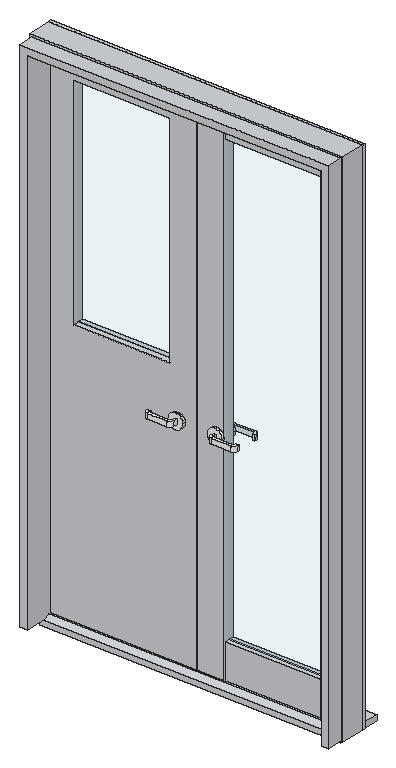
Revit family "Dor_両開き戸_RC", category ドア, Revit 2020
Family settings
  ホスト = 壁
  常に垂直 = はい
  ロード時にボイドで切り取り = はい
  共有 = いいえ
  部屋計算ポイント = いいえ
Parameters (values of type "両開き戸_RC")
  金物_施錠方式(外) = ""
  金物_施錠方式(内) = ""
  金物_支持金物 = ""
  金物_操作金物 = ""
  金物_戸当り = ""
  金物_固定金物 = ""
  金物_フランス落し = ""
  金物_クローザー = ""
  逃げ_左 = 60 mm
  逃げ_右 = 60 mm
  逃げ_上 = 60 mm
  解析用性能 = "<なし>"
  符号_建具記号 = ""
  符号_建具番号 = ""
  法_随時閉鎖 = yes
  法_防火性能 = ""
  法_遮煙 = yes
  法_常時閉鎖 = yes
  min沓摺見込_Kc_Kd [instance] = 24 mm + パネル厚 + 抱き + シール幅 + オフセット_外側  # 169 mm
  沓摺表示 [instance] = yes
  文字_ガラス厚 = ""
  抱き = 40 mm
  建枠下延長 [instance] = 0 mm
  沓摺見込_Kc_Kd [instance] = 180 mm
  外部ちり_上 = 10 mm
  外部ちり = 10 mm
  マテリアル_シール = none
  ドアパネルタイプ2 = DP_腰窓 : 腰窓
  ドアパネルタイプ1 = DP_框 : 框
  スリット/小窓位置：戸先 [instance] = yes
  シール幅 = 10 mm
  ガラス厚 = 6 mm
  オフセット_外側 [instance] = 50 mm
  geo_壁厚 [instance] = 150 mm
  calc_総見込 = 抱き + シール幅 + パネル厚 + 戸当見込  # 145 mm
  calc_沓摺見込_Kc_Kd [instance] = if(沓摺見込_Kc_Kd > min沓摺見込_Kc_Kd, 沓摺見込_Kc_Kd, min沓摺見込_Kc_Kd + 10 mm)  # 180 mm
  calc_沓摺幅 = 幅 + 戸当見付 * 2  # 1230 mm
  沓摺タイプ = Kc_沓摺_RC : Kc_沓摺_RC
  次による断熱プロパティの定義 = スキーマティック タイプ
  枠見付内_F01 = 30 mm
  calc_枠見込内 [instance] = if(and(枠ちり内 = 0 mm, オフセット_内側 = 0 mm), 1 mm, 0 mm)  # 0 mm
  calc_枠見付内 = if(枠タイプ = 1, 枠見付内_F01, if(枠タイプ = 2, 枠見付 + 戸当見付, if(枠タイプ = 3, 枠見付 + 戸当見付, 枠見付)))  # 30 mm
  文字_額縁材質 = ""
  文字_額縁仕上 = ""
  文字_沓摺材質 = ""
  文字_沓摺仕上 = ""
  文字_枠材質 = ""
  文字_枠仕上 = ""
  文字_建具材質 = ""
  文字_建具仕上 = ""
  文字_取付場所 = ""
  文字_備考 = ""
  文字_パネル厚 = ""
  文字_ガラリ材質 = ""
  文字_ガラリ仕上 = ""
  文字_ガラス材質 = ""
  文字_アンダーカット = ""
  性能_遮音 = ""
  性能_気密 = ""
  形状_沓摺形状 = ""
  形状_枠形状 = ""
  形状_建具形式 = ""
  形状_ガラリ形状 = ""
  仕上げ厚 = 0 mm
  calc_戸当見込 [instance] = if(geo_壁厚 < calc_総見込, 戸当見込 - (calc_総見込 - geo_壁厚 + 10 mm), 戸当見込)  # 50 mm
  calc_壁芯ずれ [instance] = オフセット_外側 / 2 + オフセット_内側 / 2 + LOCK  # 50 mm
  calc_仕上げ厚 [instance] = if(and(オフセット_内側 = 0 mm, 仕上げ厚 = 0 mm), 11 mm, 仕上げ厚)  # 0 mm
  ラベル_遮煙 = if(法_遮煙, "S", " ")  # "S"
  ラベル_法囲み = if(法_常時閉鎖, "□", if(法_随時閉鎖, "〇", " "))  # "□"
  マテリアル_沓摺 = none
  マテリアル_枠 = none
  マテリアル_パネル = none
  マテリアル_ガラリ = none
  マテリアル_ガラス = ガラス - 透明
  パネル幅2 = パネル幅1  # 615 mm
  パネル幅1 = 幅 / 2 + 戸当見付  # 615 mm
  calc_パネル中心位置 = パネル厚 / 2 + LOCK  # 22.5 mm
  ハンドル表示 [instance] = yes
  Keynote = ""
  オフセット_内側 [instance] = 50 mm
  W寸法 = 1200 mm
  LOCK = 0 mm  # constant formula
  H寸法 = 2100 mm
  F02_片ひばた2 = 枠タイプ = 2  # no
  Function = (empty or 0)
  Description = ""
  枠タイプ = 1
  Rough Width = 0 mm
  高さ = H寸法 + LOCK  # 2100 mm
  枠見付 = 25 mm
  枠ちり外 = 20 mm
  枠ちり内 = 10 mm
  ハンドル_高さ = 900 mm
  ハンドル_オフセット = 80 mm
  戸当見込 = 50 mm
  戸当見付 = 15 mm
  Construction Type = ""
  Wall Closure = (empty or 0)
  幅 = W寸法 + LOCK  # 1200 mm
  Rough Height = 0 mm
  パネル高 = 高さ + 戸当見付 - アンダーカット  # 2110 mm
  パネル幅 = パネル幅1 + LOCK  # 615 mm
  パネル厚 = 45 mm
  アンダーカット = 5 mm
  F01_片ひばた1 = 枠タイプ = 1  # yes
  F03_両ひばた = 枠タイプ = 3  # no
Reference planes
  plane 1: y = 0
  plane 2 "中心(左/右)": x = 0
  plane 3 "EXT.": y = 75
  plane 4 "内壁": y = -75
  plane 5 "左": x = -600
  plane 6 "右": x = 600
  plane 7 "上側": z = 2100
  plane 8: z = 0
  plane 9 "パネル位置": y = 25
  plane 10 "左扉位置": x = -615
  plane 11 "枠外側左": x = -640
  plane 12 "枠内側左": x = -630
  plane 13 "仕上げ厚": y = -75
  plane 14 "右扉位置": x = 615
  plane 15 "枠外側右": x = 640
  plane 16 "枠内側右": x = 630
  plane 17 "上枠下端": z = 2115
  plane 18 "枠見付_上": z = 2140
  plane 19 "枠見付内_上": z = 2130
  plane 20 "戸当り外側": y = -20
  plane 21 "戸当り内側": y = -70
  plane 22: x = -630
  plane 23: x = 630
  plane 24: z = 5
  plane 25 "オフセット": y = -125
  plane 26 "枠ちり内": y = -135
  plane 27 "パネル厚中心": y = 2.5
  plane 28 "壁芯": y = -50
  plane 29: z = 900
  plane 30 "建枠下延長": z = 0
  plane 31 "枠見込み内": y = -75
  plane 32 "オフセット_外側": y = 125
  plane 33 "マスク位置": z = 500
  plane 34: y = 130
  plane 35 "逃げ左": x = -660
  plane 36 "逃げ右": x = 660
  plane 37 "抱き": y = 35
  plane 38 "外部ちり左": x = -625
  plane 39 "外部ちり右": x = 625
  plane 40 "外部ちり上": z = 2125
  plane 41 "逃げ上": z = 2160
  plane 42 "右扉中心": x = 307.5
  plane 43 "左扉中心": x = -307.5
  plane 44 "左ハンドル中心": x = -80
  plane 45 "右ハンドル中心": x = 80
Forms (mm)
  Extrusion 1, void
    sketch origin (0, 0, 0) x (1, 0, 0) y (0, 1, 0)
      loop
        line (-630, -125) -> (630, -125) -> (630, -75) -> (-630, -75) -> (-630, -125)
    from 0 to 2130
  Extrusion 2, void
    sketch origin (0, 0, 0) x (1, 0, 0) y (0, 1, 0)
      loop
        line (-660, 35) -> (-660, -75) -> (660, -75) -> (660, 35) -> (-660, 35)
    from 0 to 2160
  Sweep 3, solid, material <- "マテリアル_枠", visible <- "F01_片ひばた1"
    path origin (0, 75, 0) x (1, 0, 0) y (0, 0, 1)
      loop
        line (600, 0) -> (600, 2100) -> (-600, 2100) -> (-600, 0)
    profile origin (600, 75, 1050) x (-1, 0, 0) y (0, -1, 0)
      loop
        line (-40, 50) -> (-15, 50) -> (-15, 95) -> (0, 95) -> (0, 210) -> (-30, 210) -> (-30, 150) -> (-40, 150) -> (-40, 50)
  Sweep 4, solid, material <- "マテリアル_枠", visible <- "F02_片ひばた2"
    path origin (0, 75, 0) x (1, 0, 0) y (0, 0, 1)
      loop
        line (600, 0) -> (600, 2100) -> (-600, 2100) -> (-600, 0)
    profile origin (600, 75, 1050) x (-1, 0, 0) y (0, -1, 0)
      loop
        line (-40, 50) -> (-15, 50) -> (-15, 95) -> (0, 95) -> (0, 210) -> (-40, 210) -> (-40, 50)
  Sweep 5, solid, material <- "マテリアル_枠", visible <- "F03_両ひばた"
    path origin (0, 75, 0) x (1, 0, 0) y (0, 0, 1)
      loop
        line (600, 0) -> (600, 2100) -> (-600, 2100) -> (-600, 0)
    profile origin (600, 75, 1050) x (-1, 0, 0) y (0, -1, 0)
      loop
        line (-40, 50) -> (-15, 50) -> (-15, 95) -> (0, 95) -> (0, 145) -> (-15, 145) -> (-15, 210) -> (-40, 210) -> (-40, 50)
  Extrusion 6, void
    sketch origin (0, 0, 0) x (1, 0, 0) y (0, 1, 0)
      loop
        line (-625, 125) -> (-625, 35) -> (625, 35) -> (625, 125) -> (-625, 125)
    from 0 to 2125
  Extrusion 7, solid, material <- "マテリアル_シール"
    sketch origin (0, 25, 0) x (-1, 0, 0) y (0, 0, 1)
      loop
        line (-625, 0) -> (-625, 2125) -> (625, 2125) -> (625, 0) -> (640, 0) -> (640, 2140) -> (-640, 2140) -> (-640, 0) -> (-625, 0)
    from 0 to 10 <- "シール幅"
Lines and regions (mm)
  Masking region 1
    outline origin (0, 0, 0) x (0, 1, 0) y (0, 0, 1)
      loop
        line (25, 2115) -> (-20, 2115) -> (-20, 5) -> (25, 5) -> (25, 2115)
  Masking region 2, visible <- "F01_片ひばた1", detail levels medium+fine
    outline origin (0, 0, 0) x (1, 0, 0) y (0, 1, 0)
      loop
        line (-640, -75) -> (-630, -75) -> (-630, -135) -> (-600, -135) -> (-600, -20) -> (-615, -20) -> (-615, 25) -> (-640, 25) -> (-640, -75)
      loop
        line (640, -75) -> (640, 25) -> (615, 25) -> (615, -20) -> (600, -20) -> (600, -135) -> (630, -135) -> (630, -75) -> (640, -75)
  Masking region 3, visible <- "F02_片ひばた2", detail levels medium+fine
    outline origin (0, 0, 0) x (1, 0, 0) y (0, 1, 0)
      loop
        line (-630, 25) -> (-630, -135) -> (-600, -135) -> (-600, -20) -> (-615, -20) -> (-615, 25) -> (-630, 25)
      loop
        line (640, 25) -> (615, 25) -> (615, -20) -> (600, -20) -> (600, -135) -> (640, -135) -> (640, 25)
  Masking region 4, detail levels coarse
    outline origin (0, 0, 0) x (1, 0, 0) y (0, 1, 0)
      loop
        line (-600, -130) -> (600, -130) -> (600, -125) -> (600, 125) -> (600, 130) -> (-600, 130) -> (-600, 125) -> (-600, -125) -> (-600, -130)
  Masking region 5, detail levels coarse
    outline origin (0, 0, 0) x (1, 0, 0) y (0, 1, 0)
      loop
        line (-665, 125) -> (-665, -125) -> (-600, -125) -> (-600, 125) -> (-665, 125)
      loop
        line (665, 125) -> (600, 125) -> (600, -125) -> (665, -125) -> (665, 125)
  Masking region 6, visible <- "F03_両ひばた", detail levels medium+fine
    outline origin (0, 0, 0) x (1, 0, 0) y (0, 1, 0)
      loop
        line (-640, 25) -> (-640, -135) -> (-615, -135) -> (-615, -70) -> (-600, -70) -> (-600, -20) -> (-615, -20) -> (-615, 25) -> (-640, 25)
      loop
        line (640, 25) -> (615, 25) -> (615, -20) -> (600, -20) -> (600, -70) -> (615, -70) -> (615, -135) -> (640, -135) -> (640, 25)
  Masking region 7, detail levels medium+fine
    outline origin (0, 0, 0) x (1, 0, 0) y (0, 1, 0)
      loop
        line (-625, 25) -> (-625, 35) -> (-640, 35) -> (-640, 25) -> (-625, 25)
      loop
        line (625, 35) -> (625, 25) -> (640, 25) -> (640, 35) -> (625, 35)
  symbolic lines
    curve 1: line (0, 75, 0) -> (0, -185, 0)
Text (mm)
  text "EXT." at (-2295.016, 1099.543, 0), in view "基準レベル"
  text "外部" at (0, 1615.38, 3698.081), in view "左"
  text "外部" at (0, 1036.032, 3874.932), in view "右"
  text "内部" at (0, -1175.082, 3874.932), in view "右"
  text "内部" at (-2295.016, -1087.353, 0), in view "基準レベル"
Dimensions and locks
  equal spacing: plane 5 "左", plane 2 "中心(左/右)", plane 6 "右"
  locked: plane 3 "EXT." to host wall
  locked: plane 4 "内壁" to host wall
  "W寸法": plane 5 "左" to plane 6 "右"
  "H寸法": plane 8 to plane 7 "上側"
  "戸当見付": plane 10 "左扉位置" to plane 5 "左"
  "calc_枠見付内": plane 12 "枠内側左" to plane 5 "左"
  "枠見付": plane 11 "枠外側左" to plane 10 "左扉位置"
  "calc_仕上げ厚": plane 13 "仕上げ厚" to plane 4 "内壁"
  "枠見付": plane 15 "枠外側右" to plane 14 "右扉位置"
  "戸当見付": plane 7 "上側" to plane 17 "上枠下端"
  "枠見付": plane 17 "上枠下端" to plane 18 "枠見付_上"
  "calc_枠見付内": plane 7 "上側" to plane 19 "枠見付内_上"
  "パネル厚": plane 9 "パネル位置" to plane 20 "戸当り外側"
  "calc_戸当見込": plane 20 "戸当り外側" to plane 21 "戸当り内側"
  "戸当見付": plane 6 "右" to plane 14 "右扉位置"
  "calc_枠見付内": plane 6 "右" to plane 16 "枠内側右"
  "枠見付内_F01": plane 22 to plane 5 "左"
  "枠見付内_F01": plane 6 "右" to plane 23
  "枠ちり内": plane 25 "オフセット" to plane 26 "枠ちり内"
  "オフセット_内側": plane 25 "オフセット" to plane 4 "内壁"
  "アンダーカット": plane 24 to plane 8
  locked: plane 26 "枠ちり内" to curve 1 at 50
  "calc_パネル中心位置": plane 9 "パネル位置" to plane 27 "パネル厚中心"
  "calc_壁芯ずれ": plane 28 "壁芯" to plane 1
  "ハンドル_高さ": plane 29 to level
  "建枠下延長": plane 8 to plane 30 "建枠下延長"
  "calc_枠見込内": plane 31 "枠見込み内" to plane 13 "仕上げ厚"
  "オフセット_外側": plane 3 "EXT." to plane 32 "オフセット_外側"
  locked: level to plane 33 "マスク位置" at 500
  locked: plane 34 to plane 32 "オフセット_外側" at 5
  "逃げ_左": plane 35 "逃げ左" to plane 5 "左"
  "逃げ_右": plane 6 "右" to plane 36 "逃げ右"
  "抱き": plane 37 "抱き" to plane 3 "EXT."
  "シール幅": plane 37 "抱き" to plane 9 "パネル位置"
  locked: plane 38 "外部ちり左" to Extrusion 7 sketch curve at 15
  locked: plane 39 "外部ちり右" to Extrusion 7 sketch curve at 15
  locked: plane 40 "外部ちり上" to Extrusion 7 sketch curve at 15
  "外部ちり": plane 38 "外部ちり左" to plane 10 "左扉位置"
  "外部ちり": plane 14 "右扉位置" to plane 39 "外部ちり右"
  "逃げ_上": plane 7 "上側" to plane 41 "逃げ上"
  "外部ちり_上": plane 40 "外部ちり上" to plane 17 "上枠下端"
  locked: Masking region 7 sketch curve to plane 38 "外部ちり左" at 15
  locked: plane 39 "外部ちり右" to Masking region 7 sketch curve at 15
  "geo_壁厚": host wall to host wall
  locked: Masking region 5 sketch curve to plane 35 "逃げ左" at 5
  locked: plane 36 "逃げ右" to Masking region 5 sketch curve at 5
  equal spacing: plane 10 "左扉位置", plane 43 "左扉中心", plane 2 "中心(左/右)"
  equal spacing: plane 2 "中心(左/右)", plane 42 "右扉中心", plane 14 "右扉位置"
  "ハンドル_オフセット": plane 2 "中心(左/右)" to plane 45 "右ハンドル中心"
  "ハンドル_オフセット": plane 2 "中心(左/右)" to plane 44 "左ハンドル中心"
  aligned and locked: plane 1 to host wall
  aligned and locked: level to plane 8
  aligned and locked: plane 13 "仕上げ厚" to Extrusion 1 sketch curve
  aligned and locked: plane 13 "仕上げ厚" to Extrusion 2 sketch curve
  aligned and locked: plane 7 "上側" to Sweep 3 sketch curve
  aligned and locked: plane 6 "右" to Sweep 3 sketch curve  (x2)
  aligned and locked: Sweep 3 sketch curve to plane 5 "左"
  aligned and locked: Sweep 3 sketch curve to plane 13 "仕上げ厚"
  aligned and locked: plane 9 "パネル位置" to Sweep 3 sketch curve
  aligned and locked: plane 20 "戸当り外側" to Sweep 3 sketch curve
  aligned and locked: plane 14 "右扉位置" to Sweep 3 sketch curve
  aligned and locked: Sweep 3 sketch curve to plane 15 "枠外側右"
  aligned and locked: plane 15 "枠外側右" to Sweep 4 sketch curve
  aligned and locked: plane 14 "右扉位置" to Sweep 5 sketch curve  (x2)
  aligned and locked: Sweep 5 sketch curve to plane 21 "戸当り内側"
  aligned and locked: plane 23 to Sweep 3 sketch curve
  aligned and locked: Sweep 3 sketch curve to plane 26 "枠ちり内"
  aligned and locked: Sweep 4 sketch curve to plane 26 "枠ちり内"
  aligned and locked: plane 20 "戸当り外側" to Sweep 4 sketch curve
  aligned and locked: Sweep 5 sketch curve to plane 26 "枠ちり内"
  aligned and locked: Extrusion 1 to plane 25 "オフセット"
  aligned and locked: plane 19 "枠見付内_上" to Extrusion 1
  aligned and locked: Sweep 4 to Masking region 1 sketch curve
  aligned and locked: plane 2 "中心(左/右)" to nested 1
  aligned and locked: Masking region 2 sketch curve to plane 9 "パネル位置"
  aligned and locked: Masking region 2 sketch curve to plane 20 "戸当り外側"
  aligned and locked: plane 26 "枠ちり内" to Masking region 2 sketch curve
  aligned and locked: plane 11 "枠外側左" to Masking region 2 sketch curve
  aligned and locked: plane 5 "左" to Masking region 2 sketch curve
  aligned and locked: plane 6 "右" to Masking region 2 sketch curve
  aligned and locked: Masking region 2 sketch curve to plane 15 "枠外側右"
  aligned and locked: plane 14 "右扉位置" to Masking region 2 sketch curve
  aligned and locked: Masking region 2 sketch curve to plane 22
  aligned and locked: plane 23 to Masking region 2 sketch curve
  aligned and locked: plane 12 "枠内側左" to Masking region 3 sketch curve
  aligned and locked: plane 5 "左" to Masking region 4 sketch curve
  aligned and locked: Masking region 4 sketch curve to plane 6 "右"
  aligned and locked: Masking region 4 to Masking region 5 sketch curve
  aligned and locked: plane 6 "右" to Masking region 5 sketch curve
  aligned and locked: plane 25 "オフセット" to Masking region 5 sketch curve
  aligned and locked: Masking region 5 sketch curve to plane 25 "オフセット"
  aligned and locked: plane 25 "オフセット" to Masking region 4 sketch curve  (x2)
  aligned and locked: plane 14 "右扉位置" to Masking region 6 sketch curve
  aligned and locked: plane 21 "戸当り内側" to Masking region 6 sketch curve  (x2)
  aligned and locked: Masking region 6 sketch curve to plane 21 "戸当り内側"  (x2)
  aligned and locked: plane 20 "戸当り外側" to Sweep 5 sketch curve
  aligned and locked: plane 9 "パネル位置" to Sweep 5 sketch curve
  aligned and locked: plane 9 "パネル位置" to Sweep 4 sketch curve
  aligned and locked: nested 2 to plane 8
  aligned and locked: plane 30 "建枠下延長" to Sweep 4 sketch curve  (x2)
  aligned and locked: plane 30 "建枠下延長" to Sweep 3 sketch curve  (x2)
  aligned and locked: plane 30 "建枠下延長" to Sweep 5 sketch curve  (x2)
  aligned and locked: plane 9 "パネル位置" to Masking region 3 sketch curve  (x2)
  aligned and locked: plane 9 "パネル位置" to Masking region 6 sketch curve  (x2)
  aligned and locked: Extrusion 1 sketch curve to plane 12 "枠内側左"
  aligned and locked: Extrusion 1 sketch curve to plane 16 "枠内側右"
  aligned and locked: plane 31 "枠見込み内" to Masking region 2 sketch curve  (x2)
  aligned and locked: Masking region 5 sketch curve to plane 32 "オフセット_外側"  (x2)
  aligned and locked: Masking region 4 sketch curve to plane 34
  aligned and locked: plane 32 "オフセット_外側" to Masking region 4 sketch curve  (x2)
  aligned and locked: Extrusion 2 sketch curve to plane 37 "抱き"
  aligned and locked: plane 35 "逃げ左" to Extrusion 2 sketch curve
  aligned and locked: plane 36 "逃げ右" to Extrusion 2 sketch curve
  aligned and locked: Extrusion 6 sketch curve to plane 32 "オフセット_外側"
  aligned and locked: plane 38 "外部ちり左" to Extrusion 6 sketch curve
  aligned and locked: plane 37 "抱き" to Extrusion 6 sketch curve
  aligned and locked: plane 39 "外部ちり右" to Extrusion 6 sketch curve
  aligned and locked: plane 40 "外部ちり上" to Extrusion 6
  aligned and locked: Extrusion 7 sketch curve to plane 39 "外部ちり右"
  aligned and locked: plane 30 "建枠下延長" to Extrusion 7 sketch curve
  aligned and locked: Extrusion 7 sketch curve to plane 38 "外部ちり左"
  aligned and locked: Extrusion 7 sketch curve to plane 30 "建枠下延長"
  aligned and locked: plane 40 "外部ちり上" to Extrusion 7 sketch curve
  aligned and locked: plane 41 "逃げ上" to Extrusion 2
  aligned and locked: Masking region 7 sketch curve to plane 38 "外部ちり左"
  aligned and locked: Masking region 7 sketch curve to plane 37 "抱き"  (x2)
  aligned and locked: plane 9 "パネル位置" to Masking region 7 sketch curve  (x2)
  aligned and locked: Masking region 7 sketch curve to plane 39 "外部ちり右"
  aligned and locked: nested 1 to plane 27 "パネル厚中心"
  aligned and locked: plane 43 "左扉中心" to nested 4
  aligned and locked: nested 7 to plane 44 "左ハンドル中心"
  aligned and locked: plane 42 "右扉中心" to nested 5
  aligned and locked: plane 27 "パネル厚中心" to nested 5
  aligned and locked: nested 4 to plane 27 "パネル厚中心"
  aligned and locked: nested 3 to plane 9 "パネル位置"
  aligned and locked: nested 6 to plane 27 "パネル厚中心"
  aligned and locked: plane 27 "パネル厚中心" to nested 7
  aligned and locked: plane 42 "右扉中心" to nested 2
  aligned and locked: plane 43 "左扉中心" to nested 8
  aligned and locked: nested 6 to plane 45 "右ハンドル中心"
Automatic sketch dimensions
  plane 5 "左" to Sweep 4 sketch curve = 0 mm
  plane 6 "右" to Sweep 4 sketch curve = 0 mm
  Sweep 4 sketch curve to plane 7 "上側" = 0 mm
  Sweep 4 sketch curve to profile plane = 0 mm
  profile plane to Sweep 4 sketch curve = 15 mm
  plane 5 "左" to Sweep 5 sketch curve = 0 mm
  plane 6 "右" to Sweep 5 sketch curve = 0 mm
  Sweep 5 sketch curve to plane 7 "上側" = 0 mm
  Sweep 5 sketch curve to profile plane = 0 mm
  profile plane to Sweep 5 sketch curve = 15 mm
  Sweep 5 sketch curve to Sweep 5 sketch curve = 25 mm
  Masking region 3 sketch curve to plane 10 "左扉位置" = 0 mm
  Masking region 3 sketch curve to plane 5 "左" = 0 mm
  Masking region 3 sketch curve to plane 6 "右" = 0 mm
  Masking region 3 sketch curve to plane 14 "右扉位置" = 0 mm
  Masking region 3 sketch curve to plane 15 "枠外側右" = 0 mm
  Masking region 3 sketch curve to plane 26 "枠ちり内" = 0 mm  (x2)
  Masking region 3 sketch curve to plane 20 "戸当り外側" = 0 mm  (x2)
  Masking region 6 sketch curve to plane 10 "左扉位置" = 0 mm  (x2)
  Masking region 6 sketch curve to plane 5 "左" = 0 mm
  Masking region 6 sketch curve to plane 6 "右" = 0 mm
  Masking region 6 sketch curve to plane 14 "右扉位置" = 0 mm
  Masking region 6 sketch curve to plane 26 "枠ちり内" = 0 mm  (x2)
  Masking region 6 sketch curve to plane 20 "戸当り外側" = 0 mm  (x2)
  curve 1 to plane 2 "中心(左/右)" = 0 mm
  Masking region 1 sketch curve to plane 17 "上枠下端" = 0 mm
  Masking region 1 sketch curve to plane 20 "戸当り外側" = 0 mm
  Masking region 1 sketch curve to plane 24 = 0 mm
  Masking region 4 sketch curve to plane 25 "オフセット" = 5 mm
  Masking region 6 sketch curve to plane 11 "枠外側左" = 0 mm
  Masking region 6 sketch curve to plane 15 "枠外側右" = 0 mm
  Masking region 2 sketch curve to plane 26 "枠ちり内" = 0 mm
  Masking region 2 sketch curve to plane 20 "戸当り外側" = 0 mm
  Masking region 2 sketch curve to plane 9 "パネル位置" = 0 mm
  Extrusion 1 sketch curve to plane 25 "オフセット" = 0 mm
  plane 9 "パネル位置" to curve 1 = 50 mm
  Masking region 2 sketch curve to plane 10 "左扉位置" = 0 mm
Nested families
  nested 1: "Kc_沓摺_RC" at (0, 2.5, 0), アンダーカット <- "アンダーカット", パネル厚 <- "パネル厚", パネル幅 <- "calc_沓摺幅", 沓摺材質 <- "マテリアル_沓摺", type <- "沓摺タイプ", visible <- "沓摺表示", 沓摺見込 <- "calc_沓摺見込_Kc_Kd", type "Kc_沓摺_RC"
    with 沓摺見込 180 mm, 沓摺材質 none, パネル幅 1230 mm, パネル厚 45 mm, アンダーカット 5 mm
  nested 2: "立面_スイング_開き戸" at (307.5, -75, 0) x (1, 0, 0) z (0, -1, 0), パネル幅 <- "パネル幅1", パネル高 <- "パネル高", アンダーカット <- "アンダーカット", type "立面_スイング_開き戸"
    with パネル高 2110 mm, パネル幅 615 mm, アンダーカット 5 mm
  nested 3: "平面_両開き戸" at (0, 25, 0), type "平面_両開き戸"
    with 開口幅 1200 mm, 枠ちり外 20 mm, パネル幅2_簡易 600 mm, パネル幅2 615 mm, パネル幅1_簡易 600 mm, パネル幅1 615 mm, パネル厚 45 mm
  nested 4: "DP_腰窓" at (-307.5, 2.5, 0), マテリアル_パネル <- "マテリアル_パネル", 幅 <- "パネル幅1", 高さ <- "パネル高", Thickness <- "パネル厚", アンダーカット <- "アンダーカット", マテリアル_ガラス <- "マテリアル_ガラス", マテリアル_ガラリ <- "マテリアル_ガラリ", スリット/小窓位置：戸先 <- "スリット/小窓位置：戸先", type <- "ドアパネルタイプ2", ガラス厚 <- "ガラス厚", type "腰窓"
    with 高さ 2110 mm, 幅 615 mm, built-in parameter 1001302 45 mm, マテリアル_パネル none, マテリアル_ガラリ none, マテリアル_ガラス ガラス - 透明, スリット/小窓位置：戸先 yes, ガラス厚 6 mm, アンダーカット 5 mm, calc_窓W 395 mm, calc_窓H 895 mm
  nested 5: "DP_框" at (307.5, 2.5, 0) x (-1, 0, 0) z (0, 0, 1), マテリアル_パネル <- "マテリアル_パネル", 幅 <- "パネル幅1", 高さ <- "パネル高", Thickness <- "パネル厚", type <- "ドアパネルタイプ1", マテリアル_ガラス <- "マテリアル_ガラス", アンダーカット <- "アンダーカット", マテリアル_ガラリ <- "マテリアル_ガラリ", スリット/小窓位置：戸先 <- "スリット/小窓位置：戸先", ガラス厚 <- "ガラス厚", type "框"
    with 高さ 2110 mm, 幅 615 mm, built-in parameter 1001302 45 mm, マテリアル_パネル none, マテリアル_ガラリ none, マテリアル_ガラス ガラス - 透明, スリット/小窓位置：戸先 yes, ガラス高 1840 mm, ガラス表記_左上 no, ガラス表記_右上 yes, ガラス表記_反転 no, ガラス幅 395 mm, ガラス厚 6 mm, アンダーカット 5 mm
  nested 6: "Ha_ハンドル" at (80, 2.5, 900), visible <- "ハンドル表示", type "Ha_ハンドル"
    with パネル厚 45 mm
  nested 7: "Ha_ハンドル" at (-80, 2.5, 900) x (-1, 0, 0) z (0, 0, 1), visible <- "ハンドル表示", type "Ha_ハンドル"
    with パネル厚 45 mm
  nested 8: "立面_スイング_開き戸" at (-307.5, -75, 0) x (-1, 0, 0) z (0, -1, 0), パネル幅 <- "パネル幅1", パネル高 <- "パネル高", アンダーカット <- "アンダーカット", type "立面_スイング_開き戸"
    with パネル高 2110 mm, パネル幅 615 mm, アンダーカット 5 mm
Definition of nested family "Kc_沓摺_RC"
  Parameters (values of type "Kc_沓摺_RC")
    沓摺材質 [instance] = none
    Default Elevation = 0 mm
    沓摺見込 [instance] = 200 mm
    抱き = 40 mm
    パネル幅 [instance] = 830 mm
    パネル厚 [instance] = 45 mm
    シール幅 = 10 mm
    オフセット_外側 = 50 mm
    アンダーカット [instance] = 5 mm
    calc_見込 = オフセット_外側 + 抱き + シール幅  # 100 mm
  Reference planes
    plane 1 "中心(正面/背面)": y = 0
    plane 2: z = 0
    plane 3 "中心(左/右)": x = 0
    plane 4 "パネル内側": y = -22.5
    plane 5: x = -415
    plane 6: x = 415
    plane 7: z = 5
    plane 8: z = 3
    plane 9 "パネル外側": y = 22.5
    plane 10: z = -20
    plane 11: y = -77.5
    plane 12: y = -53.5
    plane 13 "枠外": y = 122.5
  Forms (mm)
    Extrusion 1, solid, material <- "沓摺材質"
      sketch origin (0, 0, 0) x (0, 1, 0) y (0, 0, 1)
        loop
          line (122.5, -20) -> (122.5, 3) -> (-22.5, 3) -> (-22.5, 15) -> (-53.5, 15) -> (-77.5, 0) -> (-77.5, -20) -> (122.5, -20)
      from -415 to 415
  Lines and regions (mm)
    Masking region 1
      outline origin (0, 0, 0) x (0, 1, 0) y (0, 0, 1)
        loop
          line (-77.5, -20) -> (122.5, -20) -> (122.5, 3) -> (-22.5, 3) -> (-22.5, 15) -> (-53.5, 15) -> (-77.5, 0) -> (-77.5, -15) -> (-77.5, -20)
    Masking region 2, detail levels medium+fine
      outline origin (0, 0, 0) x (1, 0, 0) y (0, 1, 0)
        loop
          line (-415, -77.5) -> (415, -77.5) -> (415, 22.5) -> (-415, 22.5) -> (-415, -77.5)
  Dimensions and locks
    "パネル幅": plane 5 to plane 6
    equal spacing: plane 5, plane 3 "中心(左/右)", plane 6
    "アンダーカット": plane 7 to plane 2
    locked: plane 7 to plane 8 at 2
    equal spacing: plane 9 "パネル外側", plane 1 "中心(正面/背面)", plane 4 "パネル内側"
    "パネル厚": plane 9 "パネル外側" to plane 4 "パネル内側"
    locked: plane 7 to plane 10 at 25
    Masking region 1 sketch curve to plane 2 = 15 mm  (x2)
    Masking region 1 sketch curve to plane 11 = 24 mm
    locked: plane 11 to plane 12 at 24
    "calc_見込": plane 13 "枠外" to plane 9 "パネル外側"
    "沓摺見込": plane 13 "枠外" to plane 11
    plane 13 "枠外" to plane 12 = 176 mm
    plane 9 "パネル外側" to plane 11 = 100 mm
    plane 13 "枠外" to plane 4 "パネル内側" = 145 mm
    plane 4 "パネル内側" to plane 12 = 31 mm
    aligned and locked: level to plane 2
    aligned and locked: Extrusion 1 sketch curve to plane 10
    aligned and locked: Extrusion 1 sketch curve to plane 8
    aligned and locked: plane 6 to Extrusion 1
    aligned and locked: Extrusion 1 to plane 5
    aligned and locked: plane 4 "パネル内側" to Masking region 1 sketch curve
    aligned and locked: plane 8 to Masking region 1 sketch curve
    aligned and locked: Masking region 1 sketch curve to plane 10
    aligned and locked: plane 11 to Extrusion 1 sketch curve
    aligned and locked: plane 11 to Masking region 1 sketch curve
    aligned and locked: Masking region 2 sketch curve to plane 5
    aligned and locked: plane 6 to Masking region 2 sketch curve
    aligned and locked: plane 9 "パネル外側" to Masking region 2 sketch curve
    aligned and locked: plane 11 to Masking region 2 sketch curve
    aligned and locked: Masking region 1 sketch curve to plane 13 "枠外"
    aligned and locked: Extrusion 1 sketch curve to plane 13 "枠外"
  Automatic sketch dimensions
    Masking region 1 sketch curve to level = 0 mm
    Extrusion 1 sketch curve to level = 0 mm
    Extrusion 1 sketch curve to plane 4 "パネル内側" = 0 mm
    plane 7 to Extrusion 1 sketch curve = 10 mm
    Extrusion 1 sketch curve to plane 11 = 24 mm
Definition of nested family "DP_腰窓"
  Parameters (values of type "腰窓")
    Height [instance] = 1995 mm
    Analytic Construction = "<なし>"
    窓位置_戸先 = 110 mm
    窓位置_戸尻 = 110 mm
    窓腰高 = 1100 mm
    窓位置_上 = 120 mm
    Define Thermal Properties by = 1
    Width [instance] = 800 mm
    Thickness [instance] = 40 mm
    マテリアル_パネル [instance] = none
    マテリアル_ガラリ [instance] = none
    マテリアル_ガラス [instance] = none
    スリット/小窓位置：戸先 [instance] = yes
    ガラス厚 [instance] = 6 mm
    アンダーカット [instance] = 5 mm
    calc_窓W [instance] = Width - 窓位置_戸先 - 窓位置_戸尻  # 580 mm
    calc_窓H [instance] = (Height + アンダーカット) - 窓腰高 - 窓位置_上  # 780 mm
  Reference planes
    plane 1 "中心(正面/背面)": y = 0
    plane 2 "下": z = 0
    plane 3 "中心(左/右)": x = 0
    plane 4 "右": x = 400
    plane 5 "左": x = -400
    plane 6 "前面": y = 20
    plane 7 "背面": y = -20
    plane 8 "上": z = 2000
    plane 9 "框左": x = -290
    plane 10 "框右": x = 290
    plane 11 "框下": z = 1100
    plane 12 "框上": z = 1880
    plane 13 "窓中央": x = 0
    plane 14: z = 5
  Forms (mm)
    Extrusion 1, solid, material <- "マテリアル_パネル"
      sketch origin (0, 0, 0) x (1, 0, 0) y (0, 0, 1)
        loop
          line (-400, 2000) -> (-400, 5) -> (400, 5) -> (400, 2000) -> (-400, 2000)
        loop
          line (-290, 1880) -> (-290, 1100) -> (290, 1100) -> (290, 1880) -> (-290, 1880)
      from -20 to 20
  Dimensions and locks
    equal spacing: plane 5 "左", plane 3 "中心(左/右)", plane 4 "右"
    "Width": plane 5 "左" to plane 4 "右"
    equal spacing: plane 6 "前面", plane 1 "中心(正面/背面)", plane 7 "背面"
    "Thickness": plane 6 "前面" to plane 7 "背面"
    "窓位置_上": plane 8 "上" to plane 12 "框上"
    "窓腰高": plane 11 "框下" to level
    "窓位置_戸先": plane 4 "右" to plane 10 "框右"
    "窓位置_戸尻": plane 9 "框左" to plane 5 "左"
    equal spacing: plane 9 "框左", plane 13 "窓中央", plane 10 "框右"
    "アンダーカット": plane 14 to plane 2 "下"
    "Height": plane 8 "上" to plane 14
    aligned and locked: level to plane 2 "下"
    aligned and locked: Extrusion 1 sketch curve to plane 8 "上"
    aligned and locked: plane 5 "左" to Extrusion 1 sketch curve
    aligned and locked: Extrusion 1 sketch curve to plane 4 "右"
    aligned and locked: Extrusion 1 sketch curve to plane 12 "框上"
    aligned and locked: plane 9 "框左" to Extrusion 1 sketch curve
    aligned and locked: plane 11 "框下" to Extrusion 1 sketch curve
    aligned and locked: plane 10 "框右" to Extrusion 1 sketch curve
    aligned and locked: plane 11 "框下" to nested 1
    aligned and locked: nested 1 to plane 1 "中心(正面/背面)"
    aligned and locked: plane 13 "窓中央" to nested 1
    aligned and locked: plane 14 to Extrusion 1 sketch curve
    aligned and locked: Extrusion 1 to plane 7 "背面"
    aligned and locked: plane 6 "前面" to Extrusion 1
  Nested families
    nested 1: "DPw_ガラス" at (0, 15, 1100), built-in parameter 1001364 <- "窓腰高", Height <- "calc_窓H", Thickness <- "ガラス厚", Width <- "calc_窓W", マテリアル_ガラス <- "マテリアル_ガラス", type "DPw_ガラス"
      with Height 780 mm, Width 580 mm, Thickness 6 mm
  Definition of nested family "DPw_ガラス"
    Parameters (values of type "DPw_ガラス")
      Define Thermal Properties by = 1
      Visual Light Transmittance = 0.9
      Solar Heat Gain Coefficient = 0.78
      Height [instance] = 1000 mm
      Heat Transfer Coefficient (U) = 3.6886 W/(m²·K)
      Width [instance] = 800 mm
      Analytic Construction = "1/8 インチ ピルキントン一重ガラス"
      Thickness [instance] = 6 mm
      マテリアル_ガラス [instance] = none
    Reference planes
      plane 1 "中心(正面/背面)": y = -15
      plane 2 "下": z = 0
      plane 3 "中心(左/右)": x = 0
      plane 4 "左": x = -400
      plane 5 "右": x = 400
      plane 6 "上": z = 1000
      plane 7: y = -12
      plane 8: y = -18
      plane 9: z = 500
    Forms (mm)
      Extrusion 1, solid, material <- "マテリアル_ガラス"
        sketch origin (0, -15, 0) x (1, 0, 0) y (0, 0, 1)
          loop
            line (-400, 0) -> (400, 0) -> (400, 1000) -> (-400, 1000) -> (-400, 0)
        from -3 to 3
    Lines and regions (mm)
      symbolic lines, detail levels medium+fine
        curve 1: line (400, -15, 0) -> (-400, -15, 0)
      symbolic lines, detail levels fine
        curve 2: line (0, -15, 1000) -> (0, -15, 0)
    Dimensions and locks
      equal spacing: plane 4 "左", plane 3 "中心(左/右)", plane 5 "右"
      "Width": plane 4 "左" to plane 5 "右"
      "Height": plane 6 "上" to plane 2 "下"
      equal spacing: plane 6 "上", plane 9, plane 2 "下"
      "Thickness": plane 8 to plane 7
      equal spacing: plane 8, plane 1 "中心(正面/背面)", plane 7
      plane 2 "下" to level = 0 mm
      aligned and locked: plane 5 "右" to Extrusion 1
      aligned and locked: Extrusion 1 to plane 4 "左"
      aligned and locked: Extrusion 1 to plane 7
      aligned and locked: plane 8 to Extrusion 1
      aligned and locked: curve 1 to plane 1 "中心(正面/背面)"
      aligned and locked: plane 4 "左" to curve 1
      aligned and locked: Extrusion 1 to curve 1
      aligned and locked: plane 6 "上" to Extrusion 1
      aligned and locked: plane 2 "下" to curve 2
      aligned and locked: plane 6 "上" to curve 2
      aligned and locked: Extrusion 1 to plane 2 "下"
    Automatic sketch dimensions
      Extrusion 1 sketch curve to plane 4 "左" = 0 mm
      Extrusion 1 sketch curve to plane 5 "右" = 0 mm
      level to Extrusion 1 sketch curve = 0 mm
      Extrusion 1 sketch curve to plane 6 "上" = 0 mm
      curve 2 to plane 1 "中心(正面/背面)" = 0 mm
Definition of nested family "DP_框"
  Parameters (values of type "框")
    Height [instance] = 1995 mm
    Analytic Construction = "<なし>"
    Define Thermal Properties by = 1
    横框面落ち = 0 mm
    框_左 = 110 mm
    框_右 = 110 mm
    框_下 = 150 mm
    框_上 = 120 mm
    Width [instance] = 800 mm
    Thickness [instance] = 40 mm
    マテリアル_パネル [instance] = none
    マテリアル_ガラリ [instance] = none
    マテリアル_ガラス [instance] = none
    スリット/小窓位置：戸先 [instance] = yes
    ガラス高 [instance] = Height - 框_上 - 框_下  # 1725 mm
    ガラス表記_左上 [instance] = ガラス表記_反転  # yes
    ガラス表記_右上 [instance] = not(ガラス表記_反転)  # no
    ガラス表記_反転 [instance] = yes
    ガラス幅 [instance] = Width - 框_右 - 框_左  # 580 mm
    ガラス厚 [instance] = 6 mm
    アンダーカット [instance] = 5 mm
  Types (2, lengths in mm): name | 框_左 | 框_右 | 框_下 | 框_上 | ガラス高 | ガラス表記_左上 | ガラス表記_右上 | ガラス表記_反転 | ガラス幅
    框 | 110 | 110 | 150 | 120 | 1725 | yes | no | yes | 580
    可動パーティション | 25 | 25 | 50 | 50 | 1895 | no | yes | no | 750
  Reference planes
    plane 1 "中心(正面/背面)": y = 0
    plane 2: z = 0
    plane 3 "中心(左/右)": x = 0
    plane 4: x = -400
    plane 5: x = 400
    plane 6: y = 20
    plane 7: y = -20
    plane 8: z = 2000
    plane 9: x = -290
    plane 10: x = 290
    plane 11: z = 1880
    plane 12: z = 155
    plane 13 "ガラス中心": x = 0
    plane 14: y = 20
    plane 15: y = -20
    plane 16: z = 5
  Forms (mm)
    Extrusion 1, solid, material <- "マテリアル_パネル"
      sketch origin (0, 0, 0) x (1, 0, 0) y (0, 1, 0)
        loop
          line (-400, -20) -> (-290, -20) -> (-290, 20) -> (-400, 20) -> (-400, -20)
        loop
          line (290, -20) -> (400, -20) -> (400, 20) -> (290, 20) -> (290, -20)
      from 5 to 2000
    Extrusion 2, solid, material <- "マテリアル_パネル"
      sketch origin (0, 0, 0) x (1, 0, 0) y (0, 0, 1)
        loop
          line (290, 2000) -> (-290, 2000) -> (-290, 1880) -> (290, 1880) -> (290, 2000)
        loop
          line (290, 155) -> (-290, 155) -> (-290, 5) -> (290, 5) -> (290, 155)
      from -20 to 20
  Cuts and joins
    joined: Extrusion 1, Extrusion 2
  Lines and regions (mm)
    symbolic lines, detail levels coarse+medium
      curve 1: line (0, 0, 2000) -> (0, 0, 0)
  Dimensions and locks
    equal spacing: plane 4, plane 3 "中心(左/右)", plane 5
    "Width": plane 4 to plane 5
    equal spacing: plane 7, plane 1 "中心(正面/背面)", plane 6
    "Thickness": plane 7 to plane 6
    "框_左": plane 9 to plane 4
    "框_右": plane 10 to plane 5
    "框_上": plane 8 to plane 11
    plane 2 to level = 0 mm
    equal spacing: plane 9, plane 13 "ガラス中心", plane 10
    plane 14 to plane 6 = 0 mm
    plane 15 to plane 7 = 0 mm
    "横框面落ち": plane 6 to plane 14
    "横框面落ち": plane 15 to plane 7
    "アンダーカット": plane 16 to plane 2
    "Height": plane 8 to plane 16
    "框_下": plane 12 to plane 16
    aligned and locked: nested 1 to plane 1 "中心(正面/背面)"
    aligned and locked: nested 1 to plane 12
    aligned and locked: Extrusion 1 sketch curve to plane 7  (x2)
    aligned and locked: Extrusion 1 sketch curve to plane 4
    aligned and locked: Extrusion 1 sketch curve to plane 6
    aligned and locked: plane 9 to Extrusion 1 sketch curve
    aligned and locked: plane 10 to Extrusion 1 sketch curve
    aligned and locked: Extrusion 1 sketch curve to plane 5
    aligned and locked: Extrusion 1 to plane 8
    aligned and locked: Extrusion 2 sketch curve to plane 8
    aligned and locked: plane 10 to Extrusion 2 sketch curve  (x2)
    aligned and locked: Extrusion 2 sketch curve to plane 11
    aligned and locked: Extrusion 2 sketch curve to plane 9  (x2)
    aligned and locked: Extrusion 2 sketch curve to plane 12
    aligned and locked: plane 8 to curve 1
    aligned and locked: plane 2 to curve 1
    aligned and locked: plane 1 "中心(正面/背面)" to curve 1
    aligned and locked: plane 13 "ガラス中心" to nested 1
    aligned and locked: plane 9 to nested 4
    aligned and locked: nested 4 to plane 11
    aligned and locked: nested 2 to plane 10
    aligned and locked: plane 11 to nested 2
    aligned and locked: plane 12 to nested 3
    aligned and locked: plane 10 to nested 3
    aligned and locked: nested 5 to plane 12
    aligned and locked: nested 5 to plane 9
    aligned and locked: Extrusion 1 to plane 16
    aligned and locked: cut or joined group of Extrusion 1, Extrusion 2 to plane 16
  Automatic sketch dimensions
    plane 6 to Extrusion 1 sketch curve = 0 mm
    level to Extrusion 2 sketch curve = 5 mm
  Nested families
    nested 1: "DPw_ガラス" at (0, 15, 155), Height <- "ガラス高", Width <- "ガラス幅", Thickness <- "ガラス厚", built-in parameter 1001364 <- "框_下", マテリアル_ガラス <- "マテリアル_ガラス", type "ガラス"
      with Height 1725 mm, Width 580 mm, Thickness 6 mm, マテリアル_ガラス none
    nested 2: "記号_ガラス表記" at (290, 0, 1880) x (1, 0, 0) z (0, -1, 0), visible <- "ガラス表記_右上", type "記号_ガラス表記"
    nested 3: "記号_ガラス表記" at (290, 0, 155) x (1, 0, 0) z (0, -1, 0), visible <- "ガラス表記_左上", type "記号_ガラス表記"
    nested 4: "記号_ガラス表記" at (-290, 0, 1880) x (-1, 0, 0) z (0, -1, 0), visible <- "ガラス表記_左上", type "記号_ガラス表記"
    nested 5: "記号_ガラス表記" at (-290, 0, 155) x (-1, 0, 0) z (0, -1, 0), visible <- "ガラス表記_右上", type "記号_ガラス表記"
  Definition of nested family "DPw_ガラス"
    Parameters (values of type "DPw_ガラス")
      Define Thermal Properties by = 1
      Visual Light Transmittance = 0.9
      Solar Heat Gain Coefficient = 0.78
      Height [instance] = 1000 mm
      Heat Transfer Coefficient (U) = 3.6886 W/(m²·K)
      Width [instance] = 800 mm
      Analytic Construction = "1/8 インチ ピルキントン一重ガラス"
      Thickness [instance] = 6 mm
      マテリアル_ガラス [instance] = none
    Reference planes
      plane 1 "中心(正面/背面)": y = -15
      plane 2 "下": z = 0
      plane 3 "中心(左/右)": x = 0
      plane 4 "左": x = -400
      plane 5 "右": x = 400
      plane 6 "上": z = 1000
      plane 7: y = -12
      plane 8: y = -18
      plane 9: z = 500
    Forms (mm)
      Extrusion 1, solid, material <- "マテリアル_ガラス"
        sketch origin (0, -15, 0) x (1, 0, 0) y (0, 0, 1)
          loop
            line (-400, 0) -> (400, 0) -> (400, 1000) -> (-400, 1000) -> (-400, 0)
        from -3 to 3
    Lines and regions (mm)
      symbolic lines, detail levels medium+fine
        curve 1: line (400, -15, 0) -> (-400, -15, 0)
      symbolic lines, detail levels fine
        curve 2: line (0, -15, 1000) -> (0, -15, 0)
    Dimensions and locks
      equal spacing: plane 4 "左", plane 3 "中心(左/右)", plane 5 "右"
      "Width": plane 4 "左" to plane 5 "右"
      "Height": plane 6 "上" to plane 2 "下"
      equal spacing: plane 6 "上", plane 9, plane 2 "下"
      "Thickness": plane 8 to plane 7
      equal spacing: plane 8, plane 1 "中心(正面/背面)", plane 7
      plane 2 "下" to level = 0 mm
      aligned and locked: plane 5 "右" to Extrusion 1
      aligned and locked: Extrusion 1 to plane 4 "左"
      aligned and locked: Extrusion 1 to plane 7
      aligned and locked: plane 8 to Extrusion 1
      aligned and locked: curve 1 to plane 1 "中心(正面/背面)"
      aligned and locked: plane 4 "左" to curve 1
      aligned and locked: Extrusion 1 to curve 1
      aligned and locked: plane 6 "上" to Extrusion 1
      aligned and locked: plane 2 "下" to curve 2
      aligned and locked: plane 6 "上" to curve 2
      aligned and locked: Extrusion 1 to plane 2 "下"
    Automatic sketch dimensions
      Extrusion 1 sketch curve to plane 4 "左" = 0 mm
      Extrusion 1 sketch curve to plane 5 "右" = 0 mm
      level to Extrusion 1 sketch curve = 0 mm
      Extrusion 1 sketch curve to plane 6 "上" = 0 mm
      curve 2 to plane 1 "中心(正面/背面)" = 0 mm
  Definition of nested family "記号_ガラス表記"
    Reference planes
      plane 1 "中心(正面/背面)": y = 0
      plane 2: z = 0
      plane 3 "中心(左/右)": x = 0
    Lines and regions (mm)
      detail lines, in view "基準レベル"
        curve 1: line (-84.853, -63.64, 0) -> (-21.213, 0, 0)
        curve 2: line (0, -21.213, 0) -> (-63.64, -84.853, 0)
    Dimensions and locks
      aligned: plane 1 "中心(正面/背面)" to curve 1
Definition of nested family "Ha_ハンドル"
  Parameters (values of type "Ha_ハンドル")
    Analytic Construction = "<なし>"
    Define Thermal Properties by = 1
    ハンドル = none
    パネル厚 = 40 mm
    Keynote = "08730.A5"
    Function = (empty or 0)
  Reference planes
    plane 1 "中心(正面/背面)": y = 0
    plane 2: z = 0
    plane 3 "中心(左/右)": x = 0
    plane 4: y = 20
    plane 5: y = -20
    plane 6: x = 100
    plane 7: y = 30
    plane 8: y = 55
  Forms (mm)
    Extrusion 1, solid, material <- "ハンドル"
      sketch origin (0, 0, 0) x (1, 0, 0) y (0, 0, 1)
        loop
          circle (0, 0) r 30
      from 20 to 30
    Sweep 2, solid, material <- "ハンドル"
      path origin (0, 5, 0) x (1, 0, 0) y (0, 1, 0)
        loop
          line (0, -35) -> (0, -50)
          arc (0, -50) -> (2.929, -57.071) -> (10, -60) r 10
          line (10, -60) -> (90, -60)
          arc (90, -60) -> (97.071, -57.071) -> (100, -50) r 10
          line (100, -50) -> (100, -45)
      profile origin (0, -37.5, 0) x (1, 0, 0) y (0, 0, 1)
        loop
          line (-5, -10) -> (5, -10) -> (5, 10) -> (-5, 10) -> (-5, -10)
    Extrusion 3, solid, material <- "ハンドル"
      sketch origin (0, 0, 0) x (1, 0, 0) y (0, 0, -1)
        loop
          circle (0, 0) r 30
      from 20 to 30
    Sweep 4, solid, material <- "ハンドル"
      path origin (0, -5, 0) x (1, 0, 0) y (0, -1, 0)
        loop
          line (0, -35) -> (0, -50)
          arc (0, -50) -> (2.929, -57.071) -> (10, -60) r 10
          line (10, -60) -> (90, -60)
          arc (90, -60) -> (97.071, -57.071) -> (100, -50) r 10
          line (100, -50) -> (100, -45)
      profile origin (0, 37.5, 0) x (-1, 0, 0) y (0, 0, 1)
        loop
          line (5, -10) -> (5, 10) -> (-5, 10) -> (-5, -10) -> (5, -10)
  Dimensions and locks
    equal spacing: plane 5, plane 1 "中心(正面/背面)", plane 4
    "パネル厚": plane 5 to plane 4
    locked: Extrusion 1 to plane 5 at 10
    equal spacing: Sweep 2 sketch curve, plane 3 "中心(左/右)", Sweep 2 sketch curve
    equal spacing: Sweep 2 sketch curve, level, Sweep 2 sketch curve
    locked: plane 7 to plane 4 at 10
    locked: plane 8 to plane 4 at 35
    Sweep 4 sketch curve to Sweep 4 sketch curve = 10 mm
    Sweep 4 sketch curve to Sweep 4 sketch curve = 20 mm
    aligned and locked: Extrusion 1 to plane 5
    aligned and locked: Extrusion 1 to Sweep 2 sketch curve
    aligned and locked: plane 7 to Extrusion 3
    aligned and locked: plane 4 to Extrusion 3
  Automatic sketch dimensions
    Extrusion 1 sketch curve to level = 0 mm
    Extrusion 1 sketch curve to plane 3 "中心(左/右)" = 0 mm
    Sweep 2 sketch curve to plane 3 "中心(左/右)" = 0 mm
    Sweep 2 sketch curve to plane 6 = 0 mm
    plane 3 "中心(左/右)" to Sweep 2 sketch curve = 10 mm
    Sweep 2 sketch curve to plane 6 = 10 mm
    plane 5 to Sweep 2 sketch curve = 20 mm
    Sweep 2 sketch curve to Sweep 2 sketch curve = 5 mm
    profile plane to Sweep 2 sketch curve = 5 mm
    Sweep 2 sketch curve to level = 10 mm
    Extrusion 3 sketch curve to level = 0 mm
    Extrusion 3 sketch curve to plane 3 "中心(左/右)" = 0 mm
    Sweep 4 sketch curve to plane 3 "中心(左/右)" = 0 mm
    Sweep 4 sketch curve to plane 8 = 0 mm
    Sweep 4 sketch curve to plane 6 = 0 mm
    Sweep 4 sketch curve to plane 7 = 0 mm
    Sweep 4 sketch curve to plane 3 "中心(左/右)" = 10 mm
    plane 6 to Sweep 4 sketch curve = 10 mm
    Sweep 4 sketch curve to Sweep 4 sketch curve = 5 mm
    profile plane to Sweep 4 sketch curve = 5 mm
    Sweep 4 sketch curve to profile plane = 5 mm
    Sweep 4 sketch curve to level = 10 mm
    level to Sweep 4 sketch curve = 10 mm
    radius of Extrusion 1 sketch curve = 30 mm
    radius of Extrusion 3 sketch curve = 30 mm
Definition of nested family "立面_スイング_開き戸"
  Parameters (values of type "立面_スイング_開き戸")
    パネル高 [instance] = 1800 mm
    パネル幅 [instance] = 900 mm
    アンダーカット [instance] = 5 mm
  Reference planes
    plane 1 "中心(正面/背面)": y = 0
    plane 2: z = 0
    plane 3 "中心(左/右)": x = 0
    plane 4: y = 5
    plane 5: x = -450
    plane 6: x = 450
    plane 7: y = 1805
    plane 8: y = 905
  Lines and regions (mm)
    detail lines, in view "基準レベル"
      curve 1: line (-450, 1805, 0) -> (450, 905, 0)
      curve 2: line (450, 905, 0) -> (-450, 5, 0)
  Dimensions and locks
    equal spacing: plane 7, plane 8, plane 4
    "アンダーカット": plane 1 "中心(正面/背面)" to plane 4
    "パネル高": plane 7 to plane 4
    equal spacing: plane 5, plane 3 "中心(左/右)", plane 6
    "パネル幅": plane 5 to plane 6
    aligned and locked: plane 5 to curve 1
    aligned and locked: plane 7 to curve 1
    aligned and locked: plane 5 to curve 2
    aligned and locked: plane 4 to curve 2
    aligned and locked: plane 6 to curve 2
    aligned and locked: plane 8 to curve 1
Definition of nested family "平面_両開き戸"
  Parameters (values of type "平面_両開き戸")
    開口幅 = 1500 mm
    枠ちり外 = 10 mm
    戸当見付 = 15 mm
    パネル幅2_簡易 = パネル幅1_簡易  # 750 mm
    パネル幅2 = パネル幅1  # 765 mm
    パネル幅1_簡易 = 開口幅 / 2  # 750 mm
    パネル幅1 = (開口幅 + 戸当見付 * 2) / 2  # 765 mm
    パネル厚 = 50 mm
  Reference planes
    plane 1 "中心(正面/背面)": y = 0
    plane 2: z = 0
    plane 3 "中心(左/右)": x = 0
    plane 4: x = -750
    plane 5: x = 750
    plane 6: x = -765
    plane 7: x = 765
    plane 8: y = -50
    plane 9: y = -10
    plane 10: y = 765
    plane 11: y = 740
  Lines and regions (mm)
    Masking region 1, in view "基準レベル", detail levels medium+fine
      outline origin (0, 0, 0) x (1, 0, 0) y (0, 1, 0)
        loop
          line (0, -50) -> (765, -50) -> (765, 0) -> (0, 0) -> (0, -50)
    Masking region 2, in view "基準レベル", detail levels medium+fine
      outline origin (0, 0, 0) x (0, 1, 0) y (-1, 0, 0)
        loop
          line (-50, 0) -> (0, 0) -> (0, 765) -> (-50, 765) -> (-50, 0)
    detail lines, in view "基準レベル", detail levels coarse
      curve 1: line (750, -10, 0) -> (750, 740, 0)
      curve 2: arc (0, -10, 0) -> (219.67, 520.33, 0) -> (750, 740, 0) r 750
      curve 3: line (-750, -10, 0) -> (-750, 740, 0)
      curve 4: arc (0, -10, 0) -> (-219.67, 520.33, 0) -> (-750, 740, 0) r 750
    detail lines, in view "基準レベル", detail levels medium+fine
      curve 5: line (765, 0, 0) -> (765, 765, 0)
      curve 6: line (-765, 0, 0) -> (-765, 764.946, 0)
      curve 7: arc (0.068, 0.068, 0) -> (224.111, 540.956, 0) -> (765, 765, 0) r 764.932
      curve 8: arc (-0.067, 0.013, 0) -> (-224.111, 540.903, 0) -> (-765, 764.946, 0) r 764.933
  Dimensions and locks
    equal spacing: plane 4, plane 3 "中心(左/右)", plane 5
    "開口幅": plane 4 to plane 5
    "戸当見付": plane 6 to plane 4
    "戸当見付": plane 5 to plane 7
    "パネル厚": plane 8 to plane 1 "中心(正面/背面)"
    "枠ちり外": plane 9 to plane 1 "中心(正面/背面)"
    "パネル幅1": plane 1 "中心(正面/背面)" to plane 10
    "パネル幅1_簡易": plane 11 to plane 9
    aligned and locked: Masking region 1 sketch curve to plane 8
    aligned and locked: Masking region 1 sketch curve to plane 1 "中心(正面/背面)"
    aligned and locked: plane 7 to Masking region 1 sketch curve
    aligned and locked: Masking region 1 to plane 3 "中心(左/右)"
    aligned and locked: Masking region 2 to plane 6
    aligned and locked: plane 7 to Masking region 1
    aligned and locked: plane 3 "中心(左/右)" to Masking region 2
    aligned and locked: plane 11 to curve 1
    aligned and locked: plane 9 to curve 1
    aligned and locked: plane 5 to curve 1
    aligned and locked: plane 9 to curve 2
    aligned and locked: plane 11 to curve 3
    aligned and locked: plane 9 to curve 3
    aligned and locked: plane 4 to curve 3
    aligned and locked: plane 1 "中心(正面/背面)" to curve 6
    aligned and locked: plane 10 to curve 5
    aligned and locked: plane 1 "中心(正面/背面)" to curve 5
    aligned and locked: plane 7 to curve 5
    aligned and locked: plane 6 to curve 6
  Automatic sketch dimensions
    Masking region 1 sketch curve to plane 3 "中心(左/右)" = 0 mm
    Masking region 2 sketch curve to plane 6 = 0 mm
    Masking region 2 sketch curve to plane 8 = 0 mm
    plane 1 "中心(正面/背面)" to Masking region 2 sketch curve = 0 mm
    Masking region 2 sketch curve to plane 3 "中心(左/右)" = 0 mm
    curve 8 to plane 1 "中心(正面/背面)" = 0.013 mm
